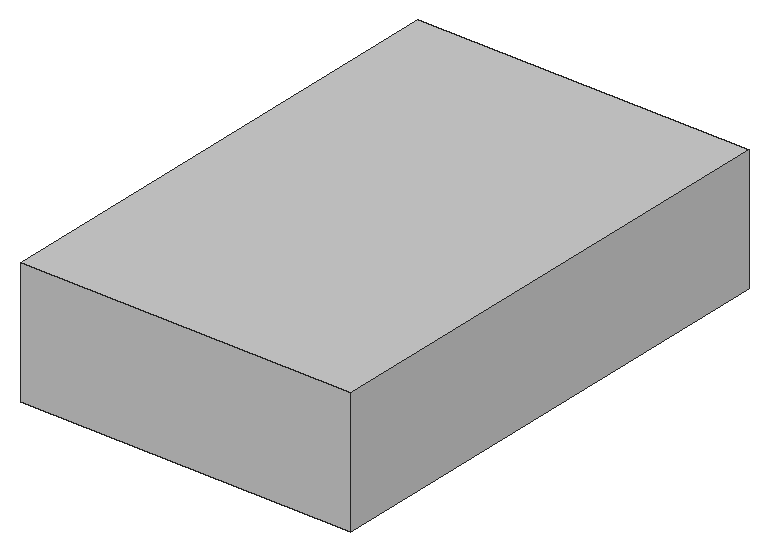
Revit family "Pier", category Structural Foundations, Revit 2025
Family settings
  Material for Model Behavior = Other
  Cap = No
  OmniClass Number = 23.25.05.17
  OmniClass Title = Shallow Foundations
  Work Plane-Based = No
  Always vertical = Yes
  Cut with Voids When Loaded = No
  Shared = No
  Show family pre-cut in plan views = Yes
Parameters (values of type "72" x 48" x 18"")
  Width = 4' - 0"
  Structural Material [instance] = Concrete, Cast-in-Place gray
  Length = 6' - 0"
  Foundation Thickness = 1' - 6"
  Assembly Code = "A1010100"
Types (3): name | Width | Length
  (no name) | 4' - 0" | 6' - 0"
  72" x 48" x 18" | 4' - 0" | 6' - 0"
  96" x 72" x 18" | 6' - 0" | 8' - 0"
Reference planes (in)
  plane 1 "Center (Front/Back)": y = 0
  plane 2: z = 0
  plane 3 "Center (Left/Right)": x = 0
  plane 4: x = -24
  plane 5: x = 24
  plane 6: y = 36
  plane 7: y = -36
Forms (in)
  Extrusion 1, solid, material "Concrete, Cast-in-Place gray" <- "Structural Material"
    sketch origin (0, 0, 0) x (1, 0, 0) y (0, 1, 0)
      loop
        line (-24, 36) -> (-24, -36) -> (24, -36) -> (24, 36) -> (-24, 36)
    from -18 to 0
Dimensions and locks (in)
  "Foundation Thickness": plane 2 to Extrusion 1
  "Width": plane 4 to plane 5
  "Length": plane 6 to plane 7
  equal spacing: plane 6, plane 1 "Center (Front/Back)", plane 7
  equal spacing: plane 4, plane 3 "Center (Left/Right)", plane 5
  aligned and locked: plane 4 to Extrusion 1 sketch curve
  aligned and locked: Extrusion 1 sketch curve to plane 5
  aligned and locked: Extrusion 1 sketch curve to plane 6
  aligned and locked: plane 7 to Extrusion 1 sketch curve
  aligned and locked: level to Extrusion 1
